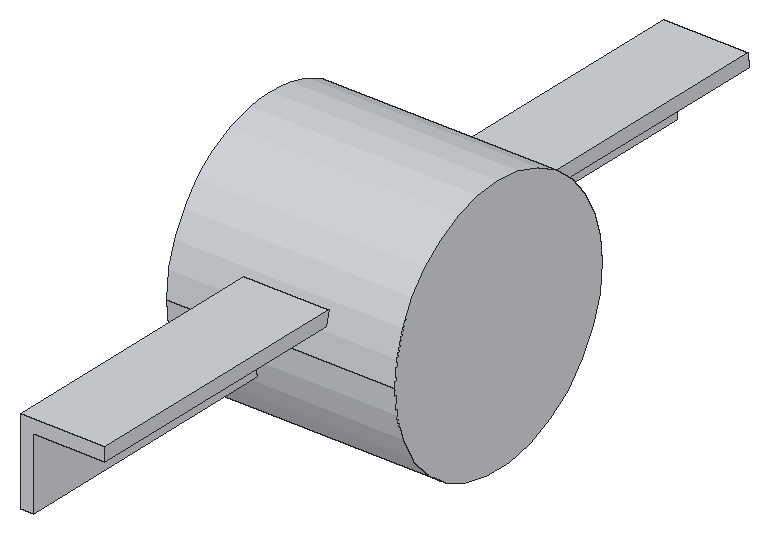
Revit family "Luva para fixação - Soldada - CU", category Conexões de tubo, Revit 2019
Family settings
  Cota do conector redondo = Usar raio
  Tipo de parte = União
  Com base no plano de trabalho = Não
  Sempre na vertical = Sim
  Corte com vazios quando carregada = Não
  Compartilhado = Não
Parameters (values of type "Padrão")
  Espessura da parede [instance] = size_lookup(Nome da tabela de pesquisa, "WThk", 0.6 mm, Diâmetro nominal)  # 1.15 mm
  Tamanho da marca de revisão [instance] = Diâmetro externo do soquete * 0.4  # 27.32 mm
  Raio externo do soquete [instance] = Diâmetro externo do soquete / 2  # 34.15 mm
  Diâmetro externo do soquete [instance] = Diâmetro nominal + 2 * Espessura da parede  # 68.3 mm
  Raio nominal [instance] = 33 mm
  Diâmetro nominal [instance] = Raio nominal * 2  # 66 mm
  Método de perda = Coeficiente K da tabela
  Nome da tabela de pesquisa = "BR_Sleeve for Fixing - Soldered - CU"
  Comprimento 1 [instance] = size_lookup(Nome da tabela de pesquisa, "Lgt1", 0.14 * Diâmetro nominal + 11.7 mm, Diâmetro nominal)  # 22.35 mm
  Comprimento [instance] = size_lookup(Nome da tabela de pesquisa, "Lgt", 0.68 * Diâmetro nominal + 16.2 mm, Diâmetro nominal)  # 60 mm
  Espessura da guia L [instance] = 3.5 mm
  Comprimento da guia L [instance] = size_lookup(Nome da tabela de pesquisa, "Lgt2", 1.72 * Diâmetro nominal + 97.3 mm, Diâmetro nominal)  # 212 mm
  Tabela de coeficiente K = "Redutor/Acoplamento/União/Redutor"
Reference planes
  plane 1 "Centro (frente/trás)": y = 0
  plane 2: z = 0
  plane 3 "Centro (direita/esquerda)": x = 0
  plane 4: x = -30
  plane 5: x = 30
  plane 6: y = 34.15
  plane 7: y = -34.15
  plane 8: y = 27.32
  plane 9: y = -27.32
  plane 10: x = -11.175
  plane 11: x = 11.175
  plane 12: y = 106
  plane 13: y = -106
  plane 14: z = 11.175
  plane 15: z = -11.175
Forms (mm)
  Sweep 1, solid, detail levels fine
    path in 3D
      loop
        line (-30, 0, 0) -> (30, 0, 0)
    profile origin (0, 0, 0) x (0, 1, 0) y (0, 0, 1)
      loop
        circle (0, 0) r 34.15
  Extrusion 2, solid, detail levels fine
    sketch origin (0, 0, 0) x (1, 0, 0) y (0, 0, 1)
      loop
        line (-11.175, 11.175) -> (-11.175, -11.175) -> (-7.675, -11.175) -> (-7.675, 7.675) -> (11.175, 7.675) -> (11.175, 11.175) -> (-11.175, 11.175)
    from -106 to 106
Cuts and joins
  joined: Sweep 1, Extrusion 2
Lines and regions (mm)
  model lines, detail levels coarse+medium
    curve 1: line (-30, 0, 0) -> (30, 0, 0)
    curve 3: line (-30, 27.32, 0) -> (-30, -27.32, 0)
    curve 4: line (30, 27.32, 0) -> (30, -27.32, 0)
  sketch lines
    curve 2: line (-30, 0, 0) -> (30, 0, 0)
Dimensions and locks
  equal spacing: plane 4, plane 3 "Centro (direita/esquerda)", plane 5
  "Comprimento": plane 4 to plane 5
  equal spacing: plane 6, plane 1 "Centro (frente/trás)", plane 7
  "Diâmetro externo do soquete": plane 6 to plane 7
  "Tamanho da marca de revisão": plane 8 to plane 1 "Centro (frente/trás)"
  equal spacing: plane 8, plane 1 "Centro (frente/trás)", plane 9
  equal spacing: plane 10, plane 3 "Centro (direita/esquerda)", plane 11
  "Comprimento 1": plane 10 to plane 11
  equal spacing: plane 12, plane 1 "Centro (frente/trás)", plane 13
  "Comprimento da guia L": plane 12 to plane 13
  equal spacing: plane 14, plane 2, plane 15
  "Comprimento 1": plane 14 to plane 15
  "Espessura da guia L": Extrusion 2 sketch curve to Extrusion 2 sketch curve  (x2)
  "Raio externo do soquete": radius of Sweep 1 sketch curve
  aligned and locked: plane 4 to curve 1
  aligned and locked: plane 1 "Centro (frente/trás)" to curve 1
  aligned and locked: plane 8 to curve 3
  aligned and locked: plane 9 to curve 3
  aligned and locked: curve 3 to plane 4
  aligned and locked: plane 8 to curve 4
  aligned and locked: plane 9 to curve 4
  aligned and locked: curve 4 to plane 5
  aligned and locked: plane 10 to Extrusion 2 sketch curve
  aligned and locked: Extrusion 2 sketch curve to plane 14
  aligned and locked: plane 11 to Extrusion 2 sketch curve
  aligned and locked: Extrusion 2 sketch curve to plane 15
  aligned and locked: plane 12 to Extrusion 2
  aligned and locked: plane 13 to Extrusion 2
Automatic sketch dimensions
  Sweep 1 sketch curve to profile plane = 0 mm  (x2)
Connectors
  piping at (-30, 0, 0), diameter 66, driven by "Raio nominal"
    settings: on Sweep 1, index 1, connector inside diameter 66 mm, connector length 0 mm, flow factor 0, pipe flow 0.0 L/s, pressure drop 0.0 Pa, fitting loss kfactor 0, connector angle 0.00°, fixture units 0, engagement length 0 mm, angle of deflection 0.00°, flow configuration 0, flow direction 0, fitting loss method 0, system type 28, joint type 0, gender type 0, connector reference index 2, connector utility 0, adjustable connector no, is connector primary yes, connector description ""
  piping at (30, 0, 0), diameter 66, driven by "Raio nominal"
    settings: on Sweep 1, index 2, connector inside diameter 66 mm, connector length 0 mm, flow factor 0, pipe flow 0.0 L/s, pressure drop 0.0 Pa, fitting loss kfactor 0, connector angle 0.00°, fixture units 0, engagement length 0 mm, angle of deflection 0.00°, flow configuration 0, flow direction 0, fitting loss method 0, system type 28, joint type 0, gender type 0, connector reference index 1, connector utility 0, adjustable connector no, is connector primary no, connector description ""
